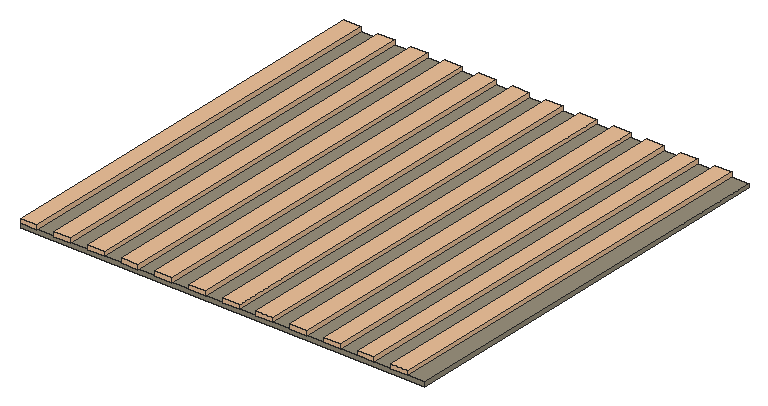
Revit family "RAINIER PANEL 1.5in - 18 X 36", category Generic Models, host Face, Revit 2023
Family settings
  Host = Face
  Can host rebar = No
  Round Connector Dimension = Use Diameter
  Part Type = Normal
  Cut with Voids When Loaded = No
  Maintain Annotation Orientation = No
  Shared = No
  Room Calculation Point = No
Parameters (values of type "STONE FELT - 1.5" LEATHER WOOD")
  WOOD MATERIAL = Leather
  FELT MATERIAL = Cambio Felt Board - Stone
  Default Elevation = 4' - 0"
Types (37): name | WOOD MATERIAL | FELT MATERIAL
  (no name) | Leather | Cambio Felt Board - Stone
  STONE FELT - 1.5" OAK WOOD | Oak - Clear | Cambio Felt Board - Stone
  STONE FELT - 1.5" UMBER WOOD | Umber | Cambio Felt Board - Stone
  STONE FELT - 1.5" LEATHER WOOD | Leather | Cambio Felt Board - Stone
  STONE FELT - 1.5" EBONY WOOD | Ebony | Cambio Felt Board - Stone
  SAND DOLLAR FELT - 1.5" EBONY WOOD | Ebony | Cambio Felt Board - Sand Dollar
  SAND DOLLAR FELT - 1.5" LEATHER WOOD | Leather | Cambio Felt Board - Sand Dollar
  SAND DOLLAR FELT - 1.5" UMBER WOOD | Umber | Cambio Felt Board - Sand Dollar
  SAND DOLLAR FELT - 1.5" CLEAR OAK WOOD | Oak - Clear | Cambio Felt Board - Sand Dollar
  PEPPER FELT - 1.5" CLEAR OAK WOOD | Oak - Clear | Cambio Felt Board - Pepper
  PEPPER FELT - 1.5" UMBER WOOD | Umber | Cambio Felt Board - Pepper
  PEPPER FELT - 1.5" LEATHER WOOD | Leather | Cambio Felt Board - Pepper
  PEPPER FELT - 1.5" EBONY WOOD | Ebony | Cambio Felt Board - Pepper
  OAT FELT - 1.5" EBONY WOOD | Ebony | Cambio Felt Board - Oat
  OAT FELT - 1.5" LEATHER WOOD | Leather | Cambio Felt Board - Oat
  OAT FELT - 1.5" UMBER WOOD | Umber | Cambio Felt Board - Oat
  OAT FELT - 1.5" CLEAR OAK WOOD | Oak - Clear | Cambio Felt Board - Oat
  MARBLE FELT - 1.5" CLEAR OAK WOOD | Oak - Clear | Cambio Felt Board - Marble
  MARBLE FELT - 1.5" UMBER WOOD | Umber | Cambio Felt Board - Marble
  MARBLE FELT - 1.5" LEATHER WOOD | Leather | Cambio Felt Board - Marble
  MARBLE FELT - 1.5" EBONY WOOD | Ebony | Cambio Felt Board - Marble
  GREY FELT - 1.5" CLEAR OAK WOOD | Oak - Clear | Cambio Felt Board - Grey
  GREY FELT - 1.5" UMBER WOOD | Umber | Cambio Felt Board - Grey
  GREY FELT - 1.5" LEATHER WOOD | Leather | Cambio Felt Board - Grey
  GREY FELT - 1.5" EBONY WOOD | Ebony | Cambio Felt Board - Grey
  EARTH BROWN  FELT - 1.5" EBONY WOOD | Ebony | Cambio Felt Board - Earth Brown
  EARTH BROWN  FELT - 1.5" LEATHER WOOD | Leather | Cambio Felt Board - Earth Brown
  EARTH BROWN  FELT - 1.5" UMBER WOOD | Umber | Cambio Felt Board - Earth Brown
  EARTH BROWN  FELT - 1.5" CLEAR OAK WOOD | Oak - Clear | Cambio Felt Board - Earth Brown
  CHARCOAL  FELT - 1.5" CLEAR OAK WOOD | Oak - Clear | Cambio Felt Board - Charcoal
  CHARCOAL  FELT - 1.5" UMBER WOOD | Umber | Cambio Felt Board - Charcoal
  CHARCOAL  FELT - 1.5" LEATHER WOOD | Leather | Cambio Felt Board - Charcoal
  CHARCOAL  FELT - 1.5" EBONY WOOD | Ebony | Cambio Felt Board - Charcoal
  BLACK  FELT - 1.5" LEATHER WOOD | Leather | Cambio Felt Board - Black
  BLACK  FELT - 1.5" EBONY WOOD | Ebony | Cambio Felt Board - Black
  BLACK  FELT - 1.5" UMBER WOOD | Umber | Cambio Felt Board - Black
  BLACK  FELT - 1.5" CLEAR OAK WOOD | Oak - Clear | Cambio Felt Board - Black
Reference planes (in)
  plane 1 "Center (Front/Back)": y = 0
  plane 2: z = 0
  plane 3 "Center (Left/Right)": x = 0
Dimensions and locks (in)
  aligned and locked: plane 2 to host face
  aligned and locked: level to host face
Nested families (in)
  nested 1: "FELT SUBSTRATE" at (0, 0, 0), type "36 X 36"
  nested 2: "Rainier Stick" at (-17.25, 0, 0.375), type "1-1/2"  X 36""
  nested 3: "Rainier Stick" at (-14.25, 0, 0.375), type "1-1/2"  X 36""
  nested 4: "Rainier Stick" at (-11.25, 0, 0.375), type "1-1/2"  X 36""
  nested 5: "Rainier Stick" at (-8.25, 0, 0.375), type "1-1/2"  X 36""
  nested 6: "Rainier Stick" at (-5.25, 0, 0.375), type "1-1/2"  X 36""
  nested 7: "Rainier Stick" at (-2.25, 0, 0.375), type "1-1/2"  X 36""
  nested 8: "Rainier Stick" at (0.75, 0, 0.375), type "1-1/2"  X 36""
  nested 9: "Rainier Stick" at (3.75, 0, 0.375), type "1-1/2"  X 36""
  nested 10: "Rainier Stick" at (6.75, 0, 0.375), type "1-1/2"  X 36""
  nested 11: "Rainier Stick" at (9.75, 0, 0.375), type "1-1/2"  X 36""
  nested 12: "Rainier Stick" at (12.75, 0, 0.375), type "1-1/2"  X 36""
  nested 13: "Rainier Stick" at (15.75, 0, 0.375), type "1-1/2"  X 36""
Definition of nested family "FELT SUBSTRATE"
  Parameters (values of type "36 X 36")
    FELT WIDTH = 3' - 0"
    FELT THICKNESS = 0' - 0 3/8"
    FELT MATERIAL = none
    FELT HEIGHT = 3' - 0"
    Default Elevation = 4' - 0"
  Types (6): name | FELT WIDTH | FELT HEIGHT
    (no name) | 3' - 0" | 3' - 0"
    18 X 18 | 1' - 6" | 1' - 6"
    18 X 36 | 1' - 6" | 3' - 0"
    18 X 54 | 1' - 6" | 4' - 6"
    18 X 90 | 1' - 6" | 7' - 6"
    36 X 36 | 3' - 0" | 3' - 0"
  Reference planes (in)
    plane 1 "Center (Front/Back)": y = 0
    plane 2: z = 0
    plane 3 "Center (Left/Right)": x = 0
  Forms (in)
    Extrusion 1, solid
      sketch origin (0, 0, 0) x (1, 0, 0) y (0, 1, 0)
        loop
          line (-48, 48) -> (-48, -48) -> (48, -48) -> (48, 48) -> (-48, 48)
      from 0 to -12
    Extrusion 2, solid, material <- "FELT MATERIAL"
      sketch origin (0, 0, 0) x (1, 0, 0) y (0, 1, 0)
        loop
          line (-18, 18) -> (-18, -18) -> (18, -18) -> (18, 18) -> (-18, 18)
      from 0 to 0.375 <- "FELT THICKNESS"
  Dimensions and locks (in)
    equal spacing: Extrusion 2 sketch curve, plane 3 "Center (Left/Right)", Extrusion 2 sketch curve
    equal spacing: Extrusion 2 sketch curve, plane 1 "Center (Front/Back)", Extrusion 2 sketch curve
    "FELT WIDTH": Extrusion 2 sketch curve to Extrusion 2 sketch curve
    "FELT HEIGHT": Extrusion 2 sketch curve to Extrusion 2 sketch curve
    aligned and locked: plane 2 to Extrusion 1
    aligned and locked: level to Extrusion 1
  Automatic sketch dimensions
    Extrusion 1 sketch curve to Extrusion 1 sketch curve = 8' - 0"  (x2)
Definition of nested family "Rainier Stick"
  Parameters (values of type "1" X 18"")
    Width = 0' - 1"
    Stick Thickness = 0' - 0 3/8"
    Material = none
    Height = 1' - 6"
    Default Elevation = 4' - 0"
  Types (8): name | Width | Height
    1" X 18" | 0' - 1" | 1' - 6"
    1-1/2" X 18" | 0' - 1 1/2" | 1' - 6"
    1-1/2"  X 36" | 0' - 1 1/2" | 3' - 0"
    1-1/2" X 54" | 0' - 1 1/2" | 4' - 6"
    1-1/2" X 90" | 0' - 1 1/2" | 4' - 6"
    1" X 90" | 0' - 1" | 4' - 6"
    1" X 54" | 0' - 1" | 4' - 6"
    1" X 36" | 0' - 1" | 3' - 0"
  Reference planes (in)
    plane 1 "Center (Front/Back)": y = 0
    plane 2: z = 0
    plane 3 "Center (Left/Right)": x = 0
  Forms (in)
    Extrusion 1, solid
      sketch origin (0, 0, 0) x (1, 0, 0) y (0, 1, 0)
        loop
          line (-48, 48) -> (-48, -48) -> (48, -48) -> (48, 48) -> (-48, 48)
      from 0 to -12
    Extrusion 2, solid, material <- "Material"
      sketch origin (0, 0, 0) x (1, 0, 0) y (0, 1, 0)
        loop
          line (-0.5, 9) -> (-0.5, -9) -> (0.5, -9) -> (0.5, 9) -> (-0.5, 9)
      from 0 to 0.375
  Dimensions and locks (in)
    equal spacing: Extrusion 2 sketch curve, plane 3 "Center (Left/Right)", Extrusion 2 sketch curve
    equal spacing: Extrusion 2 sketch curve, plane 1 "Center (Front/Back)", Extrusion 2 sketch curve
    "Width": Extrusion 2 to Extrusion 2
    "Height": Extrusion 2 to Extrusion 2
    "Stick Thickness": Extrusion 2 to Extrusion 1
    aligned and locked: plane 2 to Extrusion 1
    aligned and locked: level to Extrusion 1
  Automatic sketch dimensions
    Extrusion 1 sketch curve to Extrusion 1 sketch curve = 8' - 0"  (x2)
    Extrusion 2 sketch curve to plane 3 "Center (Left/Right)" = 0' - 0 1/2"
    plane 1 "Center (Front/Back)" to Extrusion 2 sketch curve = 0' - 9"
